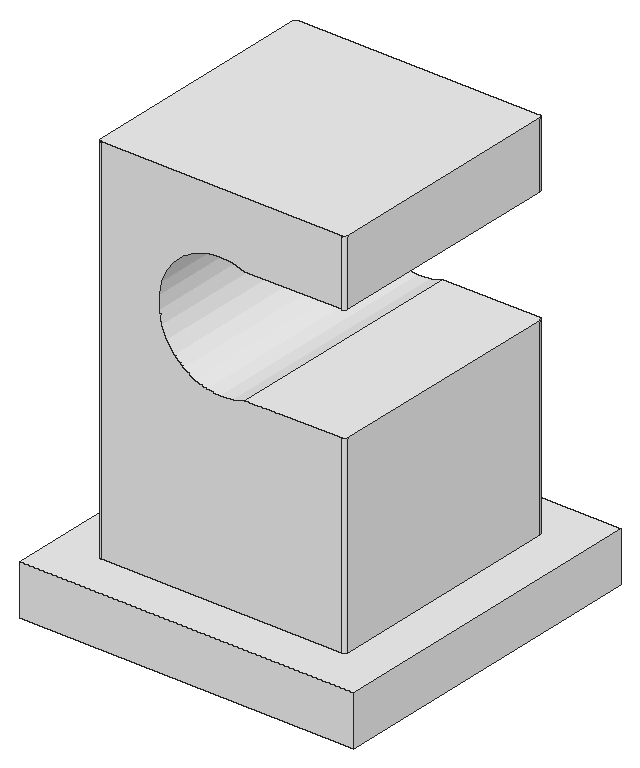
Revit family "Shower_Holder-GROHE-Euphoria_Cube-27693000", category Pipe Accessories, host Face, Revit 2014
Parameters
  Width = 2 3/64"
  Warranty Documentation Link = "https://cdn.cloud.grohe.com/tpi/1000/1900/1940/1949/1949006/original/1949006.pdf"
  URL = "https://www.grohe.us/"
  Type Comments = ""
  Tempered Connection Radius = Tempered Connection Diameter / 2  # 1/4"
  Tempered Connection Diameter = Hot Water Connection Diameter  # 1/2"
  Product Page URL = "https://www.grohe.us/en_us/euphoria-cube-wall-hand-shower-holder-27693000.html"
  Price = "Prices may vary. Please consult Manufacturer Representative for most up-to-date price list."  # constant formula
  Model = "27693000"
  Material = "Metal-Grohe-000-Chrome"
  Manufacturer = "Grohe"
  Length = 3 3/16"  # constant formula
  Installation Type = "Wall Mounted"
  Hot Water Connection Radius = Hot Water Connection Diameter / 2  # 1/4"
  Hot Water Connection Diameter = Cold Water Connection Diameter  # 1/2"
  Height = 2 153/256"
  Finish = Metal-Grohe-000-Chrome
  Description = "Euphoria Cube Wall handshower holder"
  Default Elevation = 0"  # constant formula
  Creation Date = "03/08/2017"  # constant formula
  Cold Water Connection Radius = 1/4"  # constant formula
  Cold Water Connection Diameter = Cold Water Connection Radius * 2  # 1/2"
  Assembly Code = "D2090800"
Reference planes (in)
  plane 1 "Center (Front/Back)": y = 0
  plane 2: z = 0
  plane 3 "Center (Left/Right)": x = 0
  plane 4: z = 2.59766
  plane 5: z = 0.30709
  plane 6: z = 1.96875
  plane 7: x = -1.02344
  plane 8: x = 1.02344
  plane 9: y = 1.02344
  plane 10: y = -1.02344
  plane 11: x = -0.75787
  plane 12: x = 0.75787
  plane 13: y = -0.75787
  plane 14: y = 0.75787
Forms (in)
  Extrusion 1, solid, material "Metal-Grohe-000-Chrome" <- "Finish"
    sketch origin (0, 0, 0) x (1, 0, 0) y (0, 1, 0)
      loop
        line (-1.02344, 1.02344) -> (-1.02344, -1.02344) -> (1.02344, -1.02344) -> (1.02344, 1.02344) -> (-1.02344, 1.02344)
    from 0 to 0.30709
  Extrusion 2, solid, material "Metal-Grohe-000-Chrome" <- "Finish"
    sketch origin (0, 0, 0) x (1, 0, 0) y (0, 1, 0)
      loop
        arc (-0.73535, 0.75787) -> (-0.75128, 0.75128) -> (-0.75787, 0.73535) r 0.02253
        line (-0.75787, 0.73535) -> (-0.75787, -0.73535)
        arc (-0.75787, -0.73535) -> (-0.75128, -0.75128) -> (-0.73535, -0.75787) r 0.02253
        line (-0.73535, -0.75787) -> (0.73535, -0.75787)
        arc (0.73535, -0.75787) -> (0.75128, -0.75128) -> (0.75787, -0.73535) r 0.02253
        line (0.75787, -0.73535) -> (0.75787, 0.73535)
        arc (0.75787, 0.73535) -> (0.75128, 0.75128) -> (0.73535, 0.75787) r 0.02253
        line (0.73535, 0.75787) -> (-0.73535, 0.75787)
    from 0 to 2.59766
  Extrusion 3, void
    sketch origin (0, 0, 0) x (1, 0, 0) y (0, 0, 1)
      loop
        line (1.02344, 1.48624) -> (1.02344, 2.1949) -> (0.14517, 2.1949)
        arc (0.14517, 2.1949) -> (-0.38303, 1.84047) -> (0.14531, 1.48624) r 0.38296
        line (0.14531, 1.48624) -> (1.02344, 1.48624)
    from -1.02344 to 1.02344
Cuts and joins
  Extrusion 3 cuts Extrusion 2
  joined: Extrusion 1, Extrusion 2
Lines and regions (in)
  Masking region 1
    outline origin (0, 0, 0) x (1, 0, 0) y (0, 0, 1)
      loop
        line (1.02344, 0) -> (1.02344, 0.30709) -> (0.75787, 0.30709) -> (0.75787, 1.48624) -> (0.14531, 1.48624)
        arc (0.14531, 1.48624) -> (-0.38303, 1.84047) -> (0.14517, 2.1949) r 0.38296
        line (0.14517, 2.1949) -> (0.75787, 2.1949) -> (0.75787, 2.59766) -> (-0.75787, 2.59766) -> (-0.75787, 0.30709) -> (-1.02344, 0.30709) -> (-1.02344, 0) -> (1.02344, 0)
  symbolic lines, detail levels medium+fine
    curve 1: line (0.75787, 0, 0.30709) -> (-0.75787, 0, 0.30709)
Dimensions and locks (in)
  "Height": plane 4 to host face
  equal spacing: plane 7, plane 3 "Center (Left/Right)", plane 8
  "Width": plane 7 to plane 8
  equal spacing: plane 10, plane 1 "Center (Front/Back)", plane 9
  "Width": plane 10 to plane 9
  aligned and locked: plane 2 to host face
  aligned and locked: level to host face
  aligned and locked: plane 9 to Extrusion 1 sketch curve
  aligned and locked: plane 7 to Extrusion 1 sketch curve
  aligned and locked: plane 10 to Extrusion 1 sketch curve
  aligned and locked: plane 8 to Extrusion 1 sketch curve
  aligned and locked: Masking region 1 sketch curve to plane 4
  aligned and locked: plane 4 to Extrusion 2
Automatic sketch dimensions
  host sketch curve to host sketch curve = 96"  (x2)
  Extrusion 2 sketch curve to plane 13 = 0"
  plane 11 to Extrusion 2 sketch curve = 0.02253"  (x2)
  plane 12 to Extrusion 2 sketch curve = 0.02253"  (x2)
  plane 14 to Extrusion 2 sketch curve = 0"
  Extrusion 2 sketch curve to plane 12 = 0"
  Extrusion 2 sketch curve to plane 11 = 0"
  plane 8 to Extrusion 3 sketch curve = 0"
  plane 3 "Center (Left/Right)" to Extrusion 3 sketch curve = 0.14531"
  plane 3 "Center (Left/Right)" to Extrusion 3 sketch curve = 0.14517"
  Extrusion 3 sketch curve to plane 3 "Center (Left/Right)" = 0.00006"
  plane 6 to Extrusion 3 sketch curve = 0.12821"
  Extrusion 3 sketch curve to plane 4 = 0.40276"
  Masking region 1 sketch curve to level = 0"
  Masking region 1 sketch curve to plane 7 = 0"
  Masking region 1 sketch curve to plane 5 = 0"  (x2)
  plane 11 to Masking region 1 sketch curve = 0"
  plane 12 to Masking region 1 sketch curve = 0"  (x2)
  plane 8 to Masking region 1 sketch curve = 0"
  Masking region 1 sketch curve to plane 3 "Center (Left/Right)" = 0.00006"
  plane 3 "Center (Left/Right)" to Masking region 1 sketch curve = 0.14517"
  plane 3 "Center (Left/Right)" to Masking region 1 sketch curve = 0.14531"
  plane 6 to Masking region 1 sketch curve = 0.48251"
  plane 6 to Masking region 1 sketch curve = 0.12821"
  curve 1 to plane 5 = 0"
  plane 11 to curve 1 = 0"
  plane 12 to curve 1 = 0"
